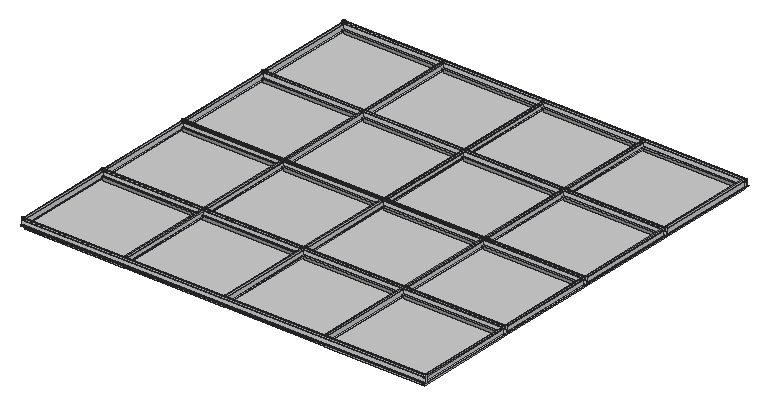
Revit family "GRD-TLE-021_TILE 001_RFA", category Modelos genéricos, Revit 2022 (continued)
Forms (in)
  Extrusion 180, solid
    sketch origin (48.02754, 154.90856, 0) x (1, 0, 0) y (0, 0, 1)
      loop
        line (0.35803, 1.68677) -> (0.39803, 1.68677)
        arc (0.39803, 1.68677) -> (0.41512, 1.67969) -> (0.42221, 1.66259) r 0.02418
      loop
        arc (0.33294, 1.7291) -> (0.34005, 1.71194) -> (0.35722, 1.70483) r 0.02428
        line (0.35722, 1.70483) -> (0.39815, 1.70483)
        arc (0.39815, 1.70483) -> (0.42797, 1.69248) -> (0.44023, 1.66266) r 0.04217
        arc (0.44023, 1.66266) -> (0.45258, 1.69248) -> (0.4824, 1.70483) r 0.04217
        line (0.4824, 1.70483) -> (0.52333, 1.70483)
        arc (0.52333, 1.70483) -> (0.54049, 1.71194) -> (0.54761, 1.7291) r 0.02428
        line (0.54761, 1.7291) -> (0.54761, 2.15016) -> (0.45704, 2.24072)
        arc (0.45704, 2.24072) -> (0.44027, 2.24767) -> (0.42351, 2.24072) r 0.02371
        line (0.42351, 2.24072) -> (0.33294, 2.15016) -> (0.33294, 1.7291)
    from 58.93614 to 81.99864
  Extrusion 181, solid
    sketch origin (72.02767, 154.90856, 0) x (1, 0, 0) y (0, 0, 1)
      loop
        line (0.42221, 1.66259) -> (0.42231, 0.67354)
        arc (0.42231, 0.67354) -> (0.41009, 0.64403) -> (0.38057, 0.6318) r 0.04174
        line (0.38057, 0.6318) -> (-0.00639, 0.6318) -> (-0.00639, 0.59057) -> (0.8874, 0.59057) -> (0.8874, 0.6318) -> (0.49998, 0.6318)
        arc (0.49998, 0.6318) -> (0.47046, 0.64403) -> (0.45824, 0.67354) r 0.04174
        line (0.45824, 0.67354) -> (0.45834, 1.66259)
        arc (0.45834, 1.66259) -> (0.46543, 1.67969) -> (0.48252, 1.68677) r 0.02418
        line (0.48252, 1.68677) -> (0.52252, 1.68677)
        arc (0.52252, 1.68677) -> (0.55303, 1.69941) -> (0.56566, 1.72991) r 0.04314
        line (0.56566, 1.72991) -> (0.56566, 2.14095)
        arc (0.56566, 2.14095) -> (0.5626, 2.15637) -> (0.55386, 2.16944) r 0.04029
        line (0.55386, 2.16944) -> (0.47053, 2.25277)
        arc (0.47053, 2.25277) -> (0.44027, 2.2653) -> (0.41002, 2.25277) r 0.04279
        line (0.41002, 2.25277) -> (0.32669, 2.16944)
        arc (0.32669, 2.16944) -> (0.31795, 2.15637) -> (0.31489, 2.14095) r 0.04029
        line (0.31489, 2.14095) -> (0.31489, 1.72991)
        arc (0.31489, 1.72991) -> (0.32752, 1.69941) -> (0.35803, 1.68677) r 0.04314
        line (0.35803, 1.68677) -> (0.39803, 1.68677)
        arc (0.39803, 1.68677) -> (0.41512, 1.67969) -> (0.42221, 1.66259) r 0.02418
      loop
        arc (0.33294, 1.7291) -> (0.34005, 1.71194) -> (0.35722, 1.70483) r 0.02428
        line (0.35722, 1.70483) -> (0.39815, 1.70483)
        arc (0.39815, 1.70483) -> (0.42797, 1.69248) -> (0.44023, 1.66266) r 0.04217
        arc (0.44023, 1.66266) -> (0.45258, 1.69248) -> (0.4824, 1.70483) r 0.04217
        line (0.4824, 1.70483) -> (0.52333, 1.70483)
        arc (0.52333, 1.70483) -> (0.54049, 1.71194) -> (0.54761, 1.7291) r 0.02428
        line (0.54761, 1.7291) -> (0.54761, 2.15016) -> (0.45704, 2.24072)
        arc (0.45704, 2.24072) -> (0.44027, 2.24767) -> (0.42351, 2.24072) r 0.02371
        line (0.42351, 2.24072) -> (0.33294, 2.15016) -> (0.33294, 1.7291)
    from 58.93614 to 81.99864
  Extrusion 182, solid
    sketch origin (96.02767, 154.90856, 0) x (1, 0, 0) y (0, 0, 1)
      loop
        line (0.42221, 1.66259) -> (0.42231, 0.67354)
        arc (0.42231, 0.67354) -> (0.41009, 0.64403) -> (0.38057, 0.6318) r 0.04174
        line (0.38057, 0.6318) -> (-0.00639, 0.6318) -> (-0.00639, 0.59057) -> (0.8874, 0.59057) -> (0.8874, 0.6318) -> (0.49998, 0.6318)
        arc (0.49998, 0.6318) -> (0.47046, 0.64403) -> (0.45824, 0.67354) r 0.04174
        line (0.45824, 0.67354) -> (0.45834, 1.66259)
        arc (0.45834, 1.66259) -> (0.46543, 1.67969) -> (0.48252, 1.68677) r 0.02418
        line (0.48252, 1.68677) -> (0.52252, 1.68677)
        arc (0.52252, 1.68677) -> (0.55303, 1.69941) -> (0.56566, 1.72991) r 0.04314
        line (0.56566, 1.72991) -> (0.56566, 2.14095)
        arc (0.56566, 2.14095) -> (0.5626, 2.15637) -> (0.55386, 2.16944) r 0.04029
        line (0.55386, 2.16944) -> (0.47053, 2.25277)
        arc (0.47053, 2.25277) -> (0.44027, 2.2653) -> (0.41002, 2.25277) r 0.04279
        line (0.41002, 2.25277) -> (0.32669, 2.16944)
        arc (0.32669, 2.16944) -> (0.31795, 2.15637) -> (0.31489, 2.14095) r 0.04029
        line (0.31489, 2.14095) -> (0.31489, 1.72991)
        arc (0.31489, 1.72991) -> (0.32752, 1.69941) -> (0.35803, 1.68677) r 0.04314
        line (0.35803, 1.68677) -> (0.39803, 1.68677)
        arc (0.39803, 1.68677) -> (0.41512, 1.67969) -> (0.42221, 1.66259) r 0.02418
      loop
        arc (0.33294, 1.7291) -> (0.34005, 1.71194) -> (0.35722, 1.70483) r 0.02428
        line (0.35722, 1.70483) -> (0.39815, 1.70483)
        arc (0.39815, 1.70483) -> (0.42797, 1.69248) -> (0.44023, 1.66266) r 0.04217
        arc (0.44023, 1.66266) -> (0.45258, 1.69248) -> (0.4824, 1.70483) r 0.04217
        line (0.4824, 1.70483) -> (0.52333, 1.70483)
        arc (0.52333, 1.70483) -> (0.54049, 1.71194) -> (0.54761, 1.7291) r 0.02428
        line (0.54761, 1.7291) -> (0.54761, 2.15016) -> (0.45704, 2.24072)
        arc (0.45704, 2.24072) -> (0.44027, 2.24767) -> (0.42351, 2.24072) r 0.02371
        line (0.42351, 2.24072) -> (0.33294, 2.15016) -> (0.33294, 1.7291)
    from 58.93614 to 81.99864
  Extrusion 183, solid
    sketch origin (24.02767, 154.90856, 0) x (1, 0, 0) y (0, 0, 1)
      loop
        line (0.42221, 1.66259) -> (0.42231, 0.67354)
        arc (0.42231, 0.67354) -> (0.41009, 0.64403) -> (0.38057, 0.6318) r 0.04174
        line (0.38057, 0.6318) -> (-0.00639, 0.6318) -> (-0.00639, 0.59057) -> (0.8874, 0.59057) -> (0.8874, 0.6318) -> (0.49998, 0.6318)
        arc (0.49998, 0.6318) -> (0.47046, 0.64403) -> (0.45824, 0.67354) r 0.04174
        line (0.45824, 0.67354) -> (0.45834, 1.66259)
        arc (0.45834, 1.66259) -> (0.46543, 1.67969) -> (0.48252, 1.68677) r 0.02418
        line (0.48252, 1.68677) -> (0.52252, 1.68677)
        arc (0.52252, 1.68677) -> (0.55303, 1.69941) -> (0.56566, 1.72991) r 0.04314
        line (0.56566, 1.72991) -> (0.56566, 2.14095)
        arc (0.56566, 2.14095) -> (0.5626, 2.15637) -> (0.55386, 2.16944) r 0.04029
        line (0.55386, 2.16944) -> (0.47053, 2.25277)
        arc (0.47053, 2.25277) -> (0.44027, 2.2653) -> (0.41002, 2.25277) r 0.04279
        line (0.41002, 2.25277) -> (0.32669, 2.16944)
        arc (0.32669, 2.16944) -> (0.31795, 2.15637) -> (0.31489, 2.14095) r 0.04029
        line (0.31489, 2.14095) -> (0.31489, 1.72991)
        arc (0.31489, 1.72991) -> (0.32752, 1.69941) -> (0.35803, 1.68677) r 0.04314
        line (0.35803, 1.68677) -> (0.39803, 1.68677)
        arc (0.39803, 1.68677) -> (0.41512, 1.67969) -> (0.42221, 1.66259) r 0.02418
      loop
        arc (0.33294, 1.7291) -> (0.34005, 1.71194) -> (0.35722, 1.70483) r 0.02428
        line (0.35722, 1.70483) -> (0.39815, 1.70483)
        arc (0.39815, 1.70483) -> (0.42797, 1.69248) -> (0.44023, 1.66266) r 0.04217
        arc (0.44023, 1.66266) -> (0.45258, 1.69248) -> (0.4824, 1.70483) r 0.04217
        line (0.4824, 1.70483) -> (0.52333, 1.70483)
        arc (0.52333, 1.70483) -> (0.54049, 1.71194) -> (0.54761, 1.7291) r 0.02428
        line (0.54761, 1.7291) -> (0.54761, 2.15016) -> (0.45704, 2.24072)
        arc (0.45704, 2.24072) -> (0.44027, 2.24767) -> (0.42351, 2.24072) r 0.02371
        line (0.42351, 2.24072) -> (0.33294, 2.15016) -> (0.33294, 1.7291)
    from 58.93614 to 81.99864
  Extrusion 184, solid
    sketch origin (0.02767, 154.90856, 0) x (1, 0, 0) y (0, 0, 1)
      loop
        line (0.42221, 1.66259) -> (0.42231, 0.67354)
        arc (0.42231, 0.67354) -> (0.41009, 0.64403) -> (0.38057, 0.6318) r 0.04174
        line (0.38057, 0.6318) -> (-0.00639, 0.6318) -> (-0.00639, 0.59057) -> (0.8874, 0.59057) -> (0.8874, 0.6318) -> (0.49998, 0.6318)
        arc (0.49998, 0.6318) -> (0.47046, 0.64403) -> (0.45824, 0.67354) r 0.04174
        line (0.45824, 0.67354) -> (0.45834, 1.66259)
        arc (0.45834, 1.66259) -> (0.46543, 1.67969) -> (0.48252, 1.68677) r 0.02418
        line (0.48252, 1.68677) -> (0.52252, 1.68677)
        arc (0.52252, 1.68677) -> (0.55303, 1.69941) -> (0.56566, 1.72991) r 0.04314
        line (0.56566, 1.72991) -> (0.56566, 2.14095)
        arc (0.56566, 2.14095) -> (0.5626, 2.15637) -> (0.55386, 2.16944) r 0.04029
        line (0.55386, 2.16944) -> (0.47053, 2.25277)
        arc (0.47053, 2.25277) -> (0.44027, 2.2653) -> (0.41002, 2.25277) r 0.04279
        line (0.41002, 2.25277) -> (0.32669, 2.16944)
        arc (0.32669, 2.16944) -> (0.31795, 2.15637) -> (0.31489, 2.14095) r 0.04029
        line (0.31489, 2.14095) -> (0.31489, 1.72991)
        arc (0.31489, 1.72991) -> (0.32752, 1.69941) -> (0.35803, 1.68677) r 0.04314
        line (0.35803, 1.68677) -> (0.39803, 1.68677)
        arc (0.39803, 1.68677) -> (0.41512, 1.67969) -> (0.42221, 1.66259) r 0.02418
      loop
        arc (0.33294, 1.7291) -> (0.34005, 1.71194) -> (0.35722, 1.70483) r 0.02428
        line (0.35722, 1.70483) -> (0.39815, 1.70483)
        arc (0.39815, 1.70483) -> (0.42797, 1.69248) -> (0.44023, 1.66266) r 0.04217
        arc (0.44023, 1.66266) -> (0.45258, 1.69248) -> (0.4824, 1.70483) r 0.04217
        line (0.4824, 1.70483) -> (0.52333, 1.70483)
        arc (0.52333, 1.70483) -> (0.54049, 1.71194) -> (0.54761, 1.7291) r 0.02428
        line (0.54761, 1.7291) -> (0.54761, 2.15016) -> (0.45704, 2.24072)
        arc (0.45704, 2.24072) -> (0.44027, 2.24767) -> (0.42351, 2.24072) r 0.02371
        line (0.42351, 2.24072) -> (0.33294, 2.15016) -> (0.33294, 1.7291)
    from 58.93614 to 81.99864
  Extrusion 185, solid
    sketch origin (48.02754, 130.90855, 0) x (1, 0, 0) y (0, 0, 1)
      loop
        line (0.42221, 1.66259) -> (0.42231, 0.67354)
        arc (0.42231, 0.67354) -> (0.41009, 0.64403) -> (0.38057, 0.6318) r 0.04174
        line (0.38057, 0.6318) -> (-0.00639, 0.6318) -> (-0.00639, 0.59057) -> (0.8874, 0.59057) -> (0.8874, 0.6318) -> (0.49998, 0.6318)
        arc (0.49998, 0.6318) -> (0.47046, 0.64403) -> (0.45824, 0.67354) r 0.04174
        line (0.45824, 0.67354) -> (0.45834, 1.66259)
        arc (0.45834, 1.66259) -> (0.46543, 1.67969) -> (0.48252, 1.68677) r 0.02418
        line (0.48252, 1.68677) -> (0.52252, 1.68677)
        arc (0.52252, 1.68677) -> (0.55303, 1.69941) -> (0.56566, 1.72991) r 0.04314
        line (0.56566, 1.72991) -> (0.56566, 2.14095)
        arc (0.56566, 2.14095) -> (0.5626, 2.15637) -> (0.55386, 2.16944) r 0.04029
        line (0.55386, 2.16944) -> (0.47053, 2.25277)
        arc (0.47053, 2.25277) -> (0.44027, 2.2653) -> (0.41002, 2.25277) r 0.04279
        line (0.41002, 2.25277) -> (0.32669, 2.16944)
        arc (0.32669, 2.16944) -> (0.31795, 2.15637) -> (0.31489, 2.14095) r 0.04029
        line (0.31489, 2.14095) -> (0.31489, 1.72991)
        arc (0.31489, 1.72991) -> (0.32752, 1.69941) -> (0.35803, 1.68677) r 0.04314
        line (0.35803, 1.68677) -> (0.39803, 1.68677)
        arc (0.39803, 1.68677) -> (0.41512, 1.67969) -> (0.42221, 1.66259) r 0.02418
      loop
        arc (0.33294, 1.7291) -> (0.34005, 1.71194) -> (0.35722, 1.70483) r 0.02428
        line (0.35722, 1.70483) -> (0.39815, 1.70483)
        arc (0.39815, 1.70483) -> (0.42797, 1.69248) -> (0.44023, 1.66266) r 0.04217
        arc (0.44023, 1.66266) -> (0.45258, 1.69248) -> (0.4824, 1.70483) r 0.04217
        line (0.4824, 1.70483) -> (0.52333, 1.70483)
        arc (0.52333, 1.70483) -> (0.54049, 1.71194) -> (0.54761, 1.7291) r 0.02428
        line (0.54761, 1.7291) -> (0.54761, 2.15016) -> (0.45704, 2.24072)
        arc (0.45704, 2.24072) -> (0.44027, 2.24767) -> (0.42351, 2.24072) r 0.02371
        line (0.42351, 2.24072) -> (0.33294, 2.15016) -> (0.33294, 1.7291)
    from 58.93614 to 81.99864
  Extrusion 186, solid
    sketch origin (72.02767, 130.90855, 0) x (1, 0, 0) y (0, 0, 1)
      loop
        line (0.42221, 1.66259) -> (0.42231, 0.67354)
        arc (0.42231, 0.67354) -> (0.41009, 0.64403) -> (0.38057, 0.6318) r 0.04174
        line (0.38057, 0.6318) -> (-0.00639, 0.6318) -> (-0.00639, 0.59057) -> (0.8874, 0.59057) -> (0.8874, 0.6318) -> (0.49998, 0.6318)
        arc (0.49998, 0.6318) -> (0.47046, 0.64403) -> (0.45824, 0.67354) r 0.04174
        line (0.45824, 0.67354) -> (0.45834, 1.66259)
        arc (0.45834, 1.66259) -> (0.46543, 1.67969) -> (0.48252, 1.68677) r 0.02418
        line (0.48252, 1.68677) -> (0.52252, 1.68677)
        arc (0.52252, 1.68677) -> (0.55303, 1.69941) -> (0.56566, 1.72991) r 0.04314
        line (0.56566, 1.72991) -> (0.56566, 2.14095)
        arc (0.56566, 2.14095) -> (0.5626, 2.15637) -> (0.55386, 2.16944) r 0.04029
        line (0.55386, 2.16944) -> (0.47053, 2.25277)
        arc (0.47053, 2.25277) -> (0.44027, 2.2653) -> (0.41002, 2.25277) r 0.04279
        line (0.41002, 2.25277) -> (0.32669, 2.16944)
        arc (0.32669, 2.16944) -> (0.31795, 2.15637) -> (0.31489, 2.14095) r 0.04029
        line (0.31489, 2.14095) -> (0.31489, 1.72991)
        arc (0.31489, 1.72991) -> (0.32752, 1.69941) -> (0.35803, 1.68677) r 0.04314
        line (0.35803, 1.68677) -> (0.39803, 1.68677)
        arc (0.39803, 1.68677) -> (0.41512, 1.67969) -> (0.42221, 1.66259) r 0.02418
      loop
        arc (0.33294, 1.7291) -> (0.34005, 1.71194) -> (0.35722, 1.70483) r 0.02428
        line (0.35722, 1.70483) -> (0.39815, 1.70483)
        arc (0.39815, 1.70483) -> (0.42797, 1.69248) -> (0.44023, 1.66266) r 0.04217
        arc (0.44023, 1.66266) -> (0.45258, 1.69248) -> (0.4824, 1.70483) r 0.04217
        line (0.4824, 1.70483) -> (0.52333, 1.70483)
        arc (0.52333, 1.70483) -> (0.54049, 1.71194) -> (0.54761, 1.7291) r 0.02428
        line (0.54761, 1.7291) -> (0.54761, 2.15016) -> (0.45704, 2.24072)
        arc (0.45704, 2.24072) -> (0.44027, 2.24767) -> (0.42351, 2.24072) r 0.02371
        line (0.42351, 2.24072) -> (0.33294, 2.15016) -> (0.33294, 1.7291)
    from 58.93614 to 81.99864
  Extrusion 187, solid
    sketch origin (96.02767, 130.90855, 0) x (1, 0, 0) y (0, 0, 1)
      loop
        line (0.42221, 1.66259) -> (0.42231, 0.67354)
        arc (0.42231, 0.67354) -> (0.41009, 0.64403) -> (0.38057, 0.6318) r 0.04174
        line (0.38057, 0.6318) -> (-0.00639, 0.6318) -> (-0.00639, 0.59057) -> (0.8874, 0.59057) -> (0.8874, 0.6318) -> (0.49998, 0.6318)
        arc (0.49998, 0.6318) -> (0.47046, 0.64403) -> (0.45824, 0.67354) r 0.04174
        line (0.45824, 0.67354) -> (0.45834, 1.66259)
        arc (0.45834, 1.66259) -> (0.46543, 1.67969) -> (0.48252, 1.68677) r 0.02418
        line (0.48252, 1.68677) -> (0.52252, 1.68677)
        arc (0.52252, 1.68677) -> (0.55303, 1.69941) -> (0.56566, 1.72991) r 0.04314
        line (0.56566, 1.72991) -> (0.56566, 2.14095)
        arc (0.56566, 2.14095) -> (0.5626, 2.15637) -> (0.55386, 2.16944) r 0.04029
        line (0.55386, 2.16944) -> (0.47053, 2.25277)
        arc (0.47053, 2.25277) -> (0.44027, 2.2653) -> (0.41002, 2.25277) r 0.04279
        line (0.41002, 2.25277) -> (0.32669, 2.16944)
        arc (0.32669, 2.16944) -> (0.31795, 2.15637) -> (0.31489, 2.14095) r 0.04029
        line (0.31489, 2.14095) -> (0.31489, 1.72991)
        arc (0.31489, 1.72991) -> (0.32752, 1.69941) -> (0.35803, 1.68677) r 0.04314
        line (0.35803, 1.68677) -> (0.39803, 1.68677)
        arc (0.39803, 1.68677) -> (0.41512, 1.67969) -> (0.42221, 1.66259) r 0.02418
      loop
        arc (0.33294, 1.7291) -> (0.34005, 1.71194) -> (0.35722, 1.70483) r 0.02428
        line (0.35722, 1.70483) -> (0.39815, 1.70483)
        arc (0.39815, 1.70483) -> (0.42797, 1.69248) -> (0.44023, 1.66266) r 0.04217
        arc (0.44023, 1.66266) -> (0.45258, 1.69248) -> (0.4824, 1.70483) r 0.04217
        line (0.4824, 1.70483) -> (0.52333, 1.70483)
        arc (0.52333, 1.70483) -> (0.54049, 1.71194) -> (0.54761, 1.7291) r 0.02428
        line (0.54761, 1.7291) -> (0.54761, 2.15016) -> (0.45704, 2.24072)
        arc (0.45704, 2.24072) -> (0.44027, 2.24767) -> (0.42351, 2.24072) r 0.02371
        line (0.42351, 2.24072) -> (0.33294, 2.15016) -> (0.33294, 1.7291)
    from 58.93614 to 81.99864
  Extrusion 188, solid
    sketch origin (24.02767, 130.90855, 0) x (1, 0, 0) y (0, 0, 1)
      loop
        line (0.42221, 1.66259) -> (0.42231, 0.67354)
        arc (0.42231, 0.67354) -> (0.41009, 0.64403) -> (0.38057, 0.6318) r 0.04174
        line (0.38057, 0.6318) -> (-0.00639, 0.6318) -> (-0.00639, 0.59057) -> (0.8874, 0.59057) -> (0.8874, 0.6318) -> (0.49998, 0.6318)
        arc (0.49998, 0.6318) -> (0.47046, 0.64403) -> (0.45824, 0.67354) r 0.04174
        line (0.45824, 0.67354) -> (0.45834, 1.66259)
        arc (0.45834, 1.66259) -> (0.46543, 1.67969) -> (0.48252, 1.68677) r 0.02418
        line (0.48252, 1.68677) -> (0.52252, 1.68677)
        arc (0.52252, 1.68677) -> (0.55303, 1.69941) -> (0.56566, 1.72991) r 0.04314
        line (0.56566, 1.72991) -> (0.56566, 2.14095)
        arc (0.56566, 2.14095) -> (0.5626, 2.15637) -> (0.55386, 2.16944) r 0.04029
        line (0.55386, 2.16944) -> (0.47053, 2.25277)
        arc (0.47053, 2.25277) -> (0.44027, 2.2653) -> (0.41002, 2.25277) r 0.04279
        line (0.41002, 2.25277) -> (0.32669, 2.16944)
        arc (0.32669, 2.16944) -> (0.31795, 2.15637) -> (0.31489, 2.14095) r 0.04029
        line (0.31489, 2.14095) -> (0.31489, 1.72991)
        arc (0.31489, 1.72991) -> (0.32752, 1.69941) -> (0.35803, 1.68677) r 0.04314
        line (0.35803, 1.68677) -> (0.39803, 1.68677)
        arc (0.39803, 1.68677) -> (0.41512, 1.67969) -> (0.42221, 1.66259) r 0.02418
      loop
        arc (0.33294, 1.7291) -> (0.34005, 1.71194) -> (0.35722, 1.70483) r 0.02428
        line (0.35722, 1.70483) -> (0.39815, 1.70483)
        arc (0.39815, 1.70483) -> (0.42797, 1.69248) -> (0.44023, 1.66266) r 0.04217
        arc (0.44023, 1.66266) -> (0.45258, 1.69248) -> (0.4824, 1.70483) r 0.04217
        line (0.4824, 1.70483) -> (0.52333, 1.70483)
        arc (0.52333, 1.70483) -> (0.54049, 1.71194) -> (0.54761, 1.7291) r 0.02428
        line (0.54761, 1.7291) -> (0.54761, 2.15016) -> (0.45704, 2.24072)
        arc (0.45704, 2.24072) -> (0.44027, 2.24767) -> (0.42351, 2.24072) r 0.02371
        line (0.42351, 2.24072) -> (0.33294, 2.15016) -> (0.33294, 1.7291)
    from 58.93614 to 81.99864
  Extrusion 189, solid
    sketch origin (0.02767, 130.90855, 0) x (1, 0, 0) y (0, 0, 1)
      loop
        line (0.42221, 1.66259) -> (0.42231, 0.67354)
        arc (0.42231, 0.67354) -> (0.41009, 0.64403) -> (0.38057, 0.6318) r 0.04174
        line (0.38057, 0.6318) -> (-0.00639, 0.6318) -> (-0.00639, 0.59057) -> (0.8874, 0.59057) -> (0.8874, 0.6318) -> (0.49998, 0.6318)
        arc (0.49998, 0.6318) -> (0.47046, 0.64403) -> (0.45824, 0.67354) r 0.04174
        line (0.45824, 0.67354) -> (0.45834, 1.66259)
        arc (0.45834, 1.66259) -> (0.46543, 1.67969) -> (0.48252, 1.68677) r 0.02418
        line (0.48252, 1.68677) -> (0.52252, 1.68677)
        arc (0.52252, 1.68677) -> (0.55303, 1.69941) -> (0.56566, 1.72991) r 0.04314
        line (0.56566, 1.72991) -> (0.56566, 2.14095)
        arc (0.56566, 2.14095) -> (0.5626, 2.15637) -> (0.55386, 2.16944) r 0.04029
        line (0.55386, 2.16944) -> (0.47053, 2.25277)
        arc (0.47053, 2.25277) -> (0.44027, 2.2653) -> (0.41002, 2.25277) r 0.04279
        line (0.41002, 2.25277) -> (0.32669, 2.16944)
        arc (0.32669, 2.16944) -> (0.31795, 2.15637) -> (0.31489, 2.14095) r 0.04029
        line (0.31489, 2.14095) -> (0.31489, 1.72991)
        arc (0.31489, 1.72991) -> (0.32752, 1.69941) -> (0.35803, 1.68677) r 0.04314
        line (0.35803, 1.68677) -> (0.39803, 1.68677)
        arc (0.39803, 1.68677) -> (0.41512, 1.67969) -> (0.42221, 1.66259) r 0.02418
      loop
        arc (0.33294, 1.7291) -> (0.34005, 1.71194) -> (0.35722, 1.70483) r 0.02428
        line (0.35722, 1.70483) -> (0.39815, 1.70483)
        arc (0.39815, 1.70483) -> (0.42797, 1.69248) -> (0.44023, 1.66266) r 0.04217
        arc (0.44023, 1.66266) -> (0.45258, 1.69248) -> (0.4824, 1.70483) r 0.04217
        line (0.4824, 1.70483) -> (0.52333, 1.70483)
        arc (0.52333, 1.70483) -> (0.54049, 1.71194) -> (0.54761, 1.7291) r 0.02428
        line (0.54761, 1.7291) -> (0.54761, 2.15016) -> (0.45704, 2.24072)
        arc (0.45704, 2.24072) -> (0.44027, 2.24767) -> (0.42351, 2.24072) r 0.02371
        line (0.42351, 2.24072) -> (0.33294, 2.15016) -> (0.33294, 1.7291)
    from 58.93614 to 81.99864
  Extrusion 190, solid
    sketch origin (48.02754, 106.90856, 0) x (1, 0, 0) y (0, 0, 1)
      loop
        line (0.42221, 1.66259) -> (0.42231, 0.67354)
        arc (0.42231, 0.67354) -> (0.41009, 0.64403) -> (0.38057, 0.6318) r 0.04174
        line (0.38057, 0.6318) -> (-0.00639, 0.6318) -> (-0.00639, 0.59057) -> (0.8874, 0.59057) -> (0.8874, 0.6318) -> (0.49998, 0.6318)
        arc (0.49998, 0.6318) -> (0.47046, 0.64403) -> (0.45824, 0.67354) r 0.04174
        line (0.45824, 0.67354) -> (0.45834, 1.66259)
        arc (0.45834, 1.66259) -> (0.46543, 1.67969) -> (0.48252, 1.68677) r 0.02418
        line (0.48252, 1.68677) -> (0.52252, 1.68677)
        arc (0.52252, 1.68677) -> (0.55303, 1.69941) -> (0.56566, 1.72991) r 0.04314
        line (0.56566, 1.72991) -> (0.56566, 2.14095)
        arc (0.56566, 2.14095) -> (0.5626, 2.15637) -> (0.55386, 2.16944) r 0.04029
        line (0.55386, 2.16944) -> (0.47053, 2.25277)
        arc (0.47053, 2.25277) -> (0.44027, 2.2653) -> (0.41002, 2.25277) r 0.04279
        line (0.41002, 2.25277) -> (0.32669, 2.16944)
        arc (0.32669, 2.16944) -> (0.31795, 2.15637) -> (0.31489, 2.14095) r 0.04029
        line (0.31489, 2.14095) -> (0.31489, 1.72991)
        arc (0.31489, 1.72991) -> (0.32752, 1.69941) -> (0.35803, 1.68677) r 0.04314
        line (0.35803, 1.68677) -> (0.39803, 1.68677)
        arc (0.39803, 1.68677) -> (0.41512, 1.67969) -> (0.42221, 1.66259) r 0.02418
      loop
        arc (0.33294, 1.7291) -> (0.34005, 1.71194) -> (0.35722, 1.70483) r 0.02428
        line (0.35722, 1.70483) -> (0.39815, 1.70483)
        arc (0.39815, 1.70483) -> (0.42797, 1.69248) -> (0.44023, 1.66266) r 0.04217
        arc (0.44023, 1.66266) -> (0.45258, 1.69248) -> (0.4824, 1.70483) r 0.04217
        line (0.4824, 1.70483) -> (0.52333, 1.70483)
        arc (0.52333, 1.70483) -> (0.54049, 1.71194) -> (0.54761, 1.7291) r 0.02428
        line (0.54761, 1.7291) -> (0.54761, 2.15016) -> (0.45704, 2.24072)
        arc (0.45704, 2.24072) -> (0.44027, 2.24767) -> (0.42351, 2.24072) r 0.02371
        line (0.42351, 2.24072) -> (0.33294, 2.15016) -> (0.33294, 1.7291)
    from 58.93614 to 81.99864
  Extrusion 191, solid
    sketch origin (72.02767, 106.90856, 0) x (1, 0, 0) y (0, 0, 1)
      loop
        line (0.42221, 1.66259) -> (0.42231, 0.67354)
        arc (0.42231, 0.67354) -> (0.41009, 0.64403) -> (0.38057, 0.6318) r 0.04174
        line (0.38057, 0.6318) -> (-0.00639, 0.6318) -> (-0.00639, 0.59057) -> (0.8874, 0.59057) -> (0.8874, 0.6318) -> (0.49998, 0.6318)
        arc (0.49998, 0.6318) -> (0.47046, 0.64403) -> (0.45824, 0.67354) r 0.04174
        line (0.45824, 0.67354) -> (0.45834, 1.66259)
        arc (0.45834, 1.66259) -> (0.46543, 1.67969) -> (0.48252, 1.68677) r 0.02418
        line (0.48252, 1.68677) -> (0.52252, 1.68677)
        arc (0.52252, 1.68677) -> (0.55303, 1.69941) -> (0.56566, 1.72991) r 0.04314
        line (0.56566, 1.72991) -> (0.56566, 2.14095)
        arc (0.56566, 2.14095) -> (0.5626, 2.15637) -> (0.55386, 2.16944) r 0.04029
        line (0.55386, 2.16944) -> (0.47053, 2.25277)
        arc (0.47053, 2.25277) -> (0.44027, 2.2653) -> (0.41002, 2.25277) r 0.04279
        line (0.41002, 2.25277) -> (0.32669, 2.16944)
        arc (0.32669, 2.16944) -> (0.31795, 2.15637) -> (0.31489, 2.14095) r 0.04029
        line (0.31489, 2.14095) -> (0.31489, 1.72991)
        arc (0.31489, 1.72991) -> (0.32752, 1.69941) -> (0.35803, 1.68677) r 0.04314
        line (0.35803, 1.68677) -> (0.39803, 1.68677)
        arc (0.39803, 1.68677) -> (0.41512, 1.67969) -> (0.42221, 1.66259) r 0.02418
      loop
        arc (0.33294, 1.7291) -> (0.34005, 1.71194) -> (0.35722, 1.70483) r 0.02428
        line (0.35722, 1.70483) -> (0.39815, 1.70483)
        arc (0.39815, 1.70483) -> (0.42797, 1.69248) -> (0.44023, 1.66266) r 0.04217
        arc (0.44023, 1.66266) -> (0.45258, 1.69248) -> (0.4824, 1.70483) r 0.04217
        line (0.4824, 1.70483) -> (0.52333, 1.70483)
        arc (0.52333, 1.70483) -> (0.54049, 1.71194) -> (0.54761, 1.7291) r 0.02428
        line (0.54761, 1.7291) -> (0.54761, 2.15016) -> (0.45704, 2.24072)
        arc (0.45704, 2.24072) -> (0.44027, 2.24767) -> (0.42351, 2.24072) r 0.02371
        line (0.42351, 2.24072) -> (0.33294, 2.15016) -> (0.33294, 1.7291)
    from 58.93614 to 81.99864
  Extrusion 192, solid
    sketch origin (96.02767, 106.90856, 0) x (1, 0, 0) y (0, 0, 1)
      loop
        line (0.42221, 1.66259) -> (0.42231, 0.67354)
        arc (0.42231, 0.67354) -> (0.41009, 0.64403) -> (0.38057, 0.6318) r 0.04174
        line (0.38057, 0.6318) -> (-0.00639, 0.6318) -> (-0.00639, 0.59057) -> (0.8874, 0.59057) -> (0.8874, 0.6318) -> (0.49998, 0.6318)
        arc (0.49998, 0.6318) -> (0.47046, 0.64403) -> (0.45824, 0.67354) r 0.04174
        line (0.45824, 0.67354) -> (0.45834, 1.66259)
        arc (0.45834, 1.66259) -> (0.46543, 1.67969) -> (0.48252, 1.68677) r 0.02418
        line (0.48252, 1.68677) -> (0.52252, 1.68677)
        arc (0.52252, 1.68677) -> (0.55303, 1.69941) -> (0.56566, 1.72991) r 0.04314
        line (0.56566, 1.72991) -> (0.56566, 2.14095)
        arc (0.56566, 2.14095) -> (0.5626, 2.15637) -> (0.55386, 2.16944) r 0.04029
        line (0.55386, 2.16944) -> (0.47053, 2.25277)
        arc (0.47053, 2.25277) -> (0.44027, 2.2653) -> (0.41002, 2.25277) r 0.04279
        line (0.41002, 2.25277) -> (0.32669, 2.16944)
        arc (0.32669, 2.16944) -> (0.31795, 2.15637) -> (0.31489, 2.14095) r 0.04029
        line (0.31489, 2.14095) -> (0.31489, 1.72991)
        arc (0.31489, 1.72991) -> (0.32752, 1.69941) -> (0.35803, 1.68677) r 0.04314
        line (0.35803, 1.68677) -> (0.39803, 1.68677)
        arc (0.39803, 1.68677) -> (0.41512, 1.67969) -> (0.42221, 1.66259) r 0.02418
      loop
        arc (0.33294, 1.7291) -> (0.34005, 1.71194) -> (0.35722, 1.70483) r 0.02428
        line (0.35722, 1.70483) -> (0.39815, 1.70483)
        arc (0.39815, 1.70483) -> (0.42797, 1.69248) -> (0.44023, 1.66266) r 0.04217
        arc (0.44023, 1.66266) -> (0.45258, 1.69248) -> (0.4824, 1.70483) r 0.04217
        line (0.4824, 1.70483) -> (0.52333, 1.70483)
        arc (0.52333, 1.70483) -> (0.54049, 1.71194) -> (0.54761, 1.7291) r 0.02428
        line (0.54761, 1.7291) -> (0.54761, 2.15016) -> (0.45704, 2.24072)
        arc (0.45704, 2.24072) -> (0.44027, 2.24767) -> (0.42351, 2.24072) r 0.02371
        line (0.42351, 2.24072) -> (0.33294, 2.15016) -> (0.33294, 1.7291)
    from 58.93614 to 81.99864
  Extrusion 193, solid
    sketch origin (24.02767, 106.90856, 0) x (1, 0, 0) y (0, 0, 1)
      loop
        line (0.42221, 1.66259) -> (0.42231, 0.67354)
        arc (0.42231, 0.67354) -> (0.41009, 0.64403) -> (0.38057, 0.6318) r 0.04174
        line (0.38057, 0.6318) -> (-0.00639, 0.6318) -> (-0.00639, 0.59057) -> (0.8874, 0.59057) -> (0.8874, 0.6318) -> (0.49998, 0.6318)
        arc (0.49998, 0.6318) -> (0.47046, 0.64403) -> (0.45824, 0.67354) r 0.04174
        line (0.45824, 0.67354) -> (0.45834, 1.66259)
        arc (0.45834, 1.66259) -> (0.46543, 1.67969) -> (0.48252, 1.68677) r 0.02418
        line (0.48252, 1.68677) -> (0.52252, 1.68677)
        arc (0.52252, 1.68677) -> (0.55303, 1.69941) -> (0.56566, 1.72991) r 0.04314
        line (0.56566, 1.72991) -> (0.56566, 2.14095)
        arc (0.56566, 2.14095) -> (0.5626, 2.15637) -> (0.55386, 2.16944) r 0.04029
        line (0.55386, 2.16944) -> (0.47053, 2.25277)
        arc (0.47053, 2.25277) -> (0.44027, 2.2653) -> (0.41002, 2.25277) r 0.04279
        line (0.41002, 2.25277) -> (0.32669, 2.16944)
        arc (0.32669, 2.16944) -> (0.31795, 2.15637) -> (0.31489, 2.14095) r 0.04029
        line (0.31489, 2.14095) -> (0.31489, 1.72991)
        arc (0.31489, 1.72991) -> (0.32752, 1.69941) -> (0.35803, 1.68677) r 0.04314
        line (0.35803, 1.68677) -> (0.39803, 1.68677)
        arc (0.39803, 1.68677) -> (0.41512, 1.67969) -> (0.42221, 1.66259) r 0.02418
      loop
        arc (0.33294, 1.7291) -> (0.34005, 1.71194) -> (0.35722, 1.70483) r 0.02428
        line (0.35722, 1.70483) -> (0.39815, 1.70483)
        arc (0.39815, 1.70483) -> (0.42797, 1.69248) -> (0.44023, 1.66266) r 0.04217
        arc (0.44023, 1.66266) -> (0.45258, 1.69248) -> (0.4824, 1.70483) r 0.04217
        line (0.4824, 1.70483) -> (0.52333, 1.70483)
        arc (0.52333, 1.70483) -> (0.54049, 1.71194) -> (0.54761, 1.7291) r 0.02428
        line (0.54761, 1.7291) -> (0.54761, 2.15016) -> (0.45704, 2.24072)
        arc (0.45704, 2.24072) -> (0.44027, 2.24767) -> (0.42351, 2.24072) r 0.02371
        line (0.42351, 2.24072) -> (0.33294, 2.15016) -> (0.33294, 1.7291)
    from 58.93614 to 81.99864
  Extrusion 194, solid
    sketch origin (0.02767, 106.90856, 0) x (1, 0, 0) y (0, 0, 1)
      loop
        line (0.42221, 1.66259) -> (0.42231, 0.67354)
        arc (0.42231, 0.67354) -> (0.41009, 0.64403) -> (0.38057, 0.6318) r 0.04174
        line (0.38057, 0.6318) -> (-0.00639, 0.6318) -> (-0.00639, 0.59057) -> (0.8874, 0.59057) -> (0.8874, 0.6318) -> (0.49998, 0.6318)
        arc (0.49998, 0.6318) -> (0.47046, 0.64403) -> (0.45824, 0.67354) r 0.04174
        line (0.45824, 0.67354) -> (0.45834, 1.66259)
        arc (0.45834, 1.66259) -> (0.46543, 1.67969) -> (0.48252, 1.68677) r 0.02418
        line (0.48252, 1.68677) -> (0.52252, 1.68677)
        arc (0.52252, 1.68677) -> (0.55303, 1.69941) -> (0.56566, 1.72991) r 0.04314
        line (0.56566, 1.72991) -> (0.56566, 2.14095)
        arc (0.56566, 2.14095) -> (0.5626, 2.15637) -> (0.55386, 2.16944) r 0.04029
        line (0.55386, 2.16944) -> (0.47053, 2.25277)
        arc (0.47053, 2.25277) -> (0.44027, 2.2653) -> (0.41002, 2.25277) r 0.04279
        line (0.41002, 2.25277) -> (0.32669, 2.16944)
        arc (0.32669, 2.16944) -> (0.31795, 2.15637) -> (0.31489, 2.14095) r 0.04029
        line (0.31489, 2.14095) -> (0.31489, 1.72991)
        arc (0.31489, 1.72991) -> (0.32752, 1.69941) -> (0.35803, 1.68677) r 0.04314
        line (0.35803, 1.68677) -> (0.39803, 1.68677)
        arc (0.39803, 1.68677) -> (0.41512, 1.67969) -> (0.42221, 1.66259) r 0.02418
      loop
        arc (0.33294, 1.7291) -> (0.34005, 1.71194) -> (0.35722, 1.70483) r 0.02428
        line (0.35722, 1.70483) -> (0.39815, 1.70483)
        arc (0.39815, 1.70483) -> (0.42797, 1.69248) -> (0.44023, 1.66266) r 0.04217
        arc (0.44023, 1.66266) -> (0.45258, 1.69248) -> (0.4824, 1.70483) r 0.04217
        line (0.4824, 1.70483) -> (0.52333, 1.70483)
        arc (0.52333, 1.70483) -> (0.54049, 1.71194) -> (0.54761, 1.7291) r 0.02428
        line (0.54761, 1.7291) -> (0.54761, 2.15016) -> (0.45704, 2.24072)
        arc (0.45704, 2.24072) -> (0.44027, 2.24767) -> (0.42351, 2.24072) r 0.02371
        line (0.42351, 2.24072) -> (0.33294, 2.15016) -> (0.33294, 1.7291)
    from 58.93614 to 81.99864
  Extrusion 195, solid
    sketch origin (48.02754, 82.90856, 0) x (1, 0, 0) y (0, 0, 1)
      loop
        line (0.42221, 1.66259) -> (0.42231, 0.67354)
        arc (0.42231, 0.67354) -> (0.41009, 0.64403) -> (0.38057, 0.6318) r 0.04174
        line (0.38057, 0.6318) -> (-0.00639, 0.6318) -> (-0.00639, 0.59057) -> (0.8874, 0.59057) -> (0.8874, 0.6318) -> (0.49998, 0.6318)
        arc (0.49998, 0.6318) -> (0.47046, 0.64403) -> (0.45824, 0.67354) r 0.04174
        line (0.45824, 0.67354) -> (0.45834, 1.66259)
        arc (0.45834, 1.66259) -> (0.46543, 1.67969) -> (0.48252, 1.68677) r 0.02418
        line (0.48252, 1.68677) -> (0.52252, 1.68677)
        arc (0.52252, 1.68677) -> (0.55303, 1.69941) -> (0.56566, 1.72991) r 0.04314
        line (0.56566, 1.72991) -> (0.56566, 2.14095)
        arc (0.56566, 2.14095) -> (0.5626, 2.15637) -> (0.55386, 2.16944) r 0.04029
        line (0.55386, 2.16944) -> (0.47053, 2.25277)
        arc (0.47053, 2.25277) -> (0.44027, 2.2653) -> (0.41002, 2.25277) r 0.04279
        line (0.41002, 2.25277) -> (0.32669, 2.16944)
        arc (0.32669, 2.16944) -> (0.31795, 2.15637) -> (0.31489, 2.14095) r 0.04029
        line (0.31489, 2.14095) -> (0.31489, 1.72991)
        arc (0.31489, 1.72991) -> (0.32752, 1.69941) -> (0.35803, 1.68677) r 0.04314
        line (0.35803, 1.68677) -> (0.39803, 1.68677)
        arc (0.39803, 1.68677) -> (0.41512, 1.67969) -> (0.42221, 1.66259) r 0.02418
      loop
        arc (0.33294, 1.7291) -> (0.34005, 1.71194) -> (0.35722, 1.70483) r 0.02428
        line (0.35722, 1.70483) -> (0.39815, 1.70483)
        arc (0.39815, 1.70483) -> (0.42797, 1.69248) -> (0.44023, 1.66266) r 0.04217
        arc (0.44023, 1.66266) -> (0.45258, 1.69248) -> (0.4824, 1.70483) r 0.04217
        line (0.4824, 1.70483) -> (0.52333, 1.70483)
        arc (0.52333, 1.70483) -> (0.54049, 1.71194) -> (0.54761, 1.7291) r 0.02428
        line (0.54761, 1.7291) -> (0.54761, 2.15016) -> (0.45704, 2.24072)
        arc (0.45704, 2.24072) -> (0.44027, 2.24767) -> (0.42351, 2.24072) r 0.02371
        line (0.42351, 2.24072) -> (0.33294, 2.15016) -> (0.33294, 1.7291)
    from 58.93614 to 81.99864
  Extrusion 196, solid
    sketch origin (72.02767, 82.90856, 0) x (1, 0, 0) y (0, 0, 1)
      loop
        line (0.42221, 1.66259) -> (0.42231, 0.67354)
        arc (0.42231, 0.67354) -> (0.41009, 0.64403) -> (0.38057, 0.6318) r 0.04174
        line (0.38057, 0.6318) -> (-0.00639, 0.6318) -> (-0.00639, 0.59057) -> (0.8874, 0.59057) -> (0.8874, 0.6318) -> (0.49998, 0.6318)
        arc (0.49998, 0.6318) -> (0.47046, 0.64403) -> (0.45824, 0.67354) r 0.04174
        line (0.45824, 0.67354) -> (0.45834, 1.66259)
        arc (0.45834, 1.66259) -> (0.46543, 1.67969) -> (0.48252, 1.68677) r 0.02418
        line (0.48252, 1.68677) -> (0.52252, 1.68677)
        arc (0.52252, 1.68677) -> (0.55303, 1.69941) -> (0.56566, 1.72991) r 0.04314
        line (0.56566, 1.72991) -> (0.56566, 2.14095)
        arc (0.56566, 2.14095) -> (0.5626, 2.15637) -> (0.55386, 2.16944) r 0.04029
        line (0.55386, 2.16944) -> (0.47053, 2.25277)
        arc (0.47053, 2.25277) -> (0.44027, 2.2653) -> (0.41002, 2.25277) r 0.04279
        line (0.41002, 2.25277) -> (0.32669, 2.16944)
        arc (0.32669, 2.16944) -> (0.31795, 2.15637) -> (0.31489, 2.14095) r 0.04029
        line (0.31489, 2.14095) -> (0.31489, 1.72991)
        arc (0.31489, 1.72991) -> (0.32752, 1.69941) -> (0.35803, 1.68677) r 0.04314
        line (0.35803, 1.68677) -> (0.39803, 1.68677)
        arc (0.39803, 1.68677) -> (0.41512, 1.67969) -> (0.42221, 1.66259) r 0.02418
      loop
        arc (0.33294, 1.7291) -> (0.34005, 1.71194) -> (0.35722, 1.70483) r 0.02428
        line (0.35722, 1.70483) -> (0.39815, 1.70483)
        arc (0.39815, 1.70483) -> (0.42797, 1.69248) -> (0.44023, 1.66266) r 0.04217
        arc (0.44023, 1.66266) -> (0.45258, 1.69248) -> (0.4824, 1.70483) r 0.04217
        line (0.4824, 1.70483) -> (0.52333, 1.70483)
        arc (0.52333, 1.70483) -> (0.54049, 1.71194) -> (0.54761, 1.7291) r 0.02428
        line (0.54761, 1.7291) -> (0.54761, 2.15016) -> (0.45704, 2.24072)
        arc (0.45704, 2.24072) -> (0.44027, 2.24767) -> (0.42351, 2.24072) r 0.02371
        line (0.42351, 2.24072) -> (0.33294, 2.15016) -> (0.33294, 1.7291)
    from 58.93614 to 81.99864
  Extrusion 197, solid
    sketch origin (96.02767, 82.90856, 0) x (1, 0, 0) y (0, 0, 1)
      loop
        line (0.42221, 1.66259) -> (0.42231, 0.67354)
        arc (0.42231, 0.67354) -> (0.41009, 0.64403) -> (0.38057, 0.6318) r 0.04174
        line (0.38057, 0.6318) -> (-0.00639, 0.6318) -> (-0.00639, 0.59057) -> (0.8874, 0.59057) -> (0.8874, 0.6318) -> (0.49998, 0.6318)
        arc (0.49998, 0.6318) -> (0.47046, 0.64403) -> (0.45824, 0.67354) r 0.04174
        line (0.45824, 0.67354) -> (0.45834, 1.66259)
        arc (0.45834, 1.66259) -> (0.46543, 1.67969) -> (0.48252, 1.68677) r 0.02418
        line (0.48252, 1.68677) -> (0.52252, 1.68677)
        arc (0.52252, 1.68677) -> (0.55303, 1.69941) -> (0.56566, 1.72991) r 0.04314
        line (0.56566, 1.72991) -> (0.56566, 2.14095)
        arc (0.56566, 2.14095) -> (0.5626, 2.15637) -> (0.55386, 2.16944) r 0.04029
        line (0.55386, 2.16944) -> (0.47053, 2.25277)
        arc (0.47053, 2.25277) -> (0.44027, 2.2653) -> (0.41002, 2.25277) r 0.04279
        line (0.41002, 2.25277) -> (0.32669, 2.16944)
        arc (0.32669, 2.16944) -> (0.31795, 2.15637) -> (0.31489, 2.14095) r 0.04029
        line (0.31489, 2.14095) -> (0.31489, 1.72991)
        arc (0.31489, 1.72991) -> (0.32752, 1.69941) -> (0.35803, 1.68677) r 0.04314
        line (0.35803, 1.68677) -> (0.39803, 1.68677)
        arc (0.39803, 1.68677) -> (0.41512, 1.67969) -> (0.42221, 1.66259) r 0.02418
      loop
        arc (0.33294, 1.7291) -> (0.34005, 1.71194) -> (0.35722, 1.70483) r 0.02428
        line (0.35722, 1.70483) -> (0.39815, 1.70483)
        arc (0.39815, 1.70483) -> (0.42797, 1.69248) -> (0.44023, 1.66266) r 0.04217
        arc (0.44023, 1.66266) -> (0.45258, 1.69248) -> (0.4824, 1.70483) r 0.04217
        line (0.4824, 1.70483) -> (0.52333, 1.70483)
        arc (0.52333, 1.70483) -> (0.54049, 1.71194) -> (0.54761, 1.7291) r 0.02428
        line (0.54761, 1.7291) -> (0.54761, 2.15016) -> (0.45704, 2.24072)
        arc (0.45704, 2.24072) -> (0.44027, 2.24767) -> (0.42351, 2.24072) r 0.02371
        line (0.42351, 2.24072) -> (0.33294, 2.15016) -> (0.33294, 1.7291)
    from 58.93614 to 81.99864
  Extrusion 198, solid
    sketch origin (24.02767, 82.90856, 0) x (1, 0, 0) y (0, 0, 1)
      loop
        line (0.42221, 1.66259) -> (0.42231, 0.67354)
        arc (0.42231, 0.67354) -> (0.41009, 0.64403) -> (0.38057, 0.6318) r 0.04174
        line (0.38057, 0.6318) -> (-0.00639, 0.6318) -> (-0.00639, 0.59057) -> (0.8874, 0.59057) -> (0.8874, 0.6318) -> (0.49998, 0.6318)
        arc (0.49998, 0.6318) -> (0.47046, 0.64403) -> (0.45824, 0.67354) r 0.04174
        line (0.45824, 0.67354) -> (0.45834, 1.66259)
        arc (0.45834, 1.66259) -> (0.46543, 1.67969) -> (0.48252, 1.68677) r 0.02418
        line (0.48252, 1.68677) -> (0.52252, 1.68677)
        arc (0.52252, 1.68677) -> (0.55303, 1.69941) -> (0.56566, 1.72991) r 0.04314
        line (0.56566, 1.72991) -> (0.56566, 2.14095)
        arc (0.56566, 2.14095) -> (0.5626, 2.15637) -> (0.55386, 2.16944) r 0.04029
        line (0.55386, 2.16944) -> (0.47053, 2.25277)
        arc (0.47053, 2.25277) -> (0.44027, 2.2653) -> (0.41002, 2.25277) r 0.04279
        line (0.41002, 2.25277) -> (0.32669, 2.16944)
        arc (0.32669, 2.16944) -> (0.31795, 2.15637) -> (0.31489, 2.14095) r 0.04029
        line (0.31489, 2.14095) -> (0.31489, 1.72991)
        arc (0.31489, 1.72991) -> (0.32752, 1.69941) -> (0.35803, 1.68677) r 0.04314
        line (0.35803, 1.68677) -> (0.39803, 1.68677)
        arc (0.39803, 1.68677) -> (0.41512, 1.67969) -> (0.42221, 1.66259) r 0.02418
      loop
        arc (0.33294, 1.7291) -> (0.34005, 1.71194) -> (0.35722, 1.70483) r 0.02428
        line (0.35722, 1.70483) -> (0.39815, 1.70483)
        arc (0.39815, 1.70483) -> (0.42797, 1.69248) -> (0.44023, 1.66266) r 0.04217
        arc (0.44023, 1.66266) -> (0.45258, 1.69248) -> (0.4824, 1.70483) r 0.04217
        line (0.4824, 1.70483) -> (0.52333, 1.70483)
        arc (0.52333, 1.70483) -> (0.54049, 1.71194) -> (0.54761, 1.7291) r 0.02428
        line (0.54761, 1.7291) -> (0.54761, 2.15016) -> (0.45704, 2.24072)
        arc (0.45704, 2.24072) -> (0.44027, 2.24767) -> (0.42351, 2.24072) r 0.02371
        line (0.42351, 2.24072) -> (0.33294, 2.15016) -> (0.33294, 1.7291)
    from 58.93614 to 81.99864
  Extrusion 199, solid
    sketch origin (0.02767, 82.90856, 0) x (1, 0, 0) y (0, 0, 1)
      loop
        line (0.42221, 1.66259) -> (0.42231, 0.67354)
        arc (0.42231, 0.67354) -> (0.41009, 0.64403) -> (0.38057, 0.6318) r 0.04174
        line (0.38057, 0.6318) -> (-0.00639, 0.6318) -> (-0.00639, 0.59057) -> (0.8874, 0.59057) -> (0.8874, 0.6318) -> (0.49998, 0.6318)
        arc (0.49998, 0.6318) -> (0.47046, 0.64403) -> (0.45824, 0.67354) r 0.04174
        line (0.45824, 0.67354) -> (0.45834, 1.66259)
        arc (0.45834, 1.66259) -> (0.46543, 1.67969) -> (0.48252, 1.68677) r 0.02418
        line (0.48252, 1.68677) -> (0.52252, 1.68677)
        arc (0.52252, 1.68677) -> (0.55303, 1.69941) -> (0.56566, 1.72991) r 0.04314
        line (0.56566, 1.72991) -> (0.56566, 2.14095)
        arc (0.56566, 2.14095) -> (0.5626, 2.15637) -> (0.55386, 2.16944) r 0.04029
        line (0.55386, 2.16944) -> (0.47053, 2.25277)
        arc (0.47053, 2.25277) -> (0.44027, 2.2653) -> (0.41002, 2.25277) r 0.04279
        line (0.41002, 2.25277) -> (0.32669, 2.16944)
        arc (0.32669, 2.16944) -> (0.31795, 2.15637) -> (0.31489, 2.14095) r 0.04029
        line (0.31489, 2.14095) -> (0.31489, 1.72991)
        arc (0.31489, 1.72991) -> (0.32752, 1.69941) -> (0.35803, 1.68677) r 0.04314
        line (0.35803, 1.68677) -> (0.39803, 1.68677)
        arc (0.39803, 1.68677) -> (0.41512, 1.67969) -> (0.42221, 1.66259) r 0.02418
      loop
        arc (0.33294, 1.7291) -> (0.34005, 1.71194) -> (0.35722, 1.70483) r 0.02428
        line (0.35722, 1.70483) -> (0.39815, 1.70483)
        arc (0.39815, 1.70483) -> (0.42797, 1.69248) -> (0.44023, 1.66266) r 0.04217
        arc (0.44023, 1.66266) -> (0.45258, 1.69248) -> (0.4824, 1.70483) r 0.04217
        line (0.4824, 1.70483) -> (0.52333, 1.70483)
        arc (0.52333, 1.70483) -> (0.54049, 1.71194) -> (0.54761, 1.7291) r 0.02428
        line (0.54761, 1.7291) -> (0.54761, 2.15016) -> (0.45704, 2.24072)
        arc (0.45704, 2.24072) -> (0.44027, 2.24767) -> (0.42351, 2.24072) r 0.02371
        line (0.42351, 2.24072) -> (0.33294, 2.15016) -> (0.33294, 1.7291)
    from 58.93614 to 81.99864
  Extrusion 200, solid, not visible
    sketch origin (0, 0, 0) x (1, 0, 0) y (0, 1, 0)
      loop
        line (24.34376, 0.56617) -> (24.34376, 24.31617) -> (0.59376, 24.31617) -> (0.59376, 0.56617) -> (24.34376, 0.56617)
    from 0.11811 to 0.59055
  Extrusion 201, solid, not visible
    sketch origin (0, 0, 0) x (1, 0, 0) y (0, 1, 0)
      loop
        line (24.34376, 0.56617) -> (24.34376, 24.31617) -> (0.59376, 24.31617) -> (0.59376, 0.56617) -> (24.34376, 0.56617)
    from 0 to 0.11811
  Extrusion 202, solid, not visible
    sketch origin (24, 0, 0) x (1, 0, 0) y (0, 1, 0)
      loop
        line (24.34376, 0.56617) -> (24.34376, 24.31617) -> (0.59376, 24.31617) -> (0.59376, 0.56617) -> (24.34376, 0.56617)
    from 0.11811 to 0.59055
  Extrusion 203, solid, not visible
    sketch origin (24, 0, 0) x (1, 0, 0) y (0, 1, 0)
      loop
        line (24.34376, 0.56617) -> (24.34376, 24.31617) -> (0.59376, 24.31617) -> (0.59376, 0.56617) -> (24.34376, 0.56617)
    from 0 to 0.11811
  Extrusion 204, solid, not visible
    sketch origin (48, 0, 0) x (1, 0, 0) y (0, 1, 0)
      loop
        line (24.34376, 0.56617) -> (24.34376, 24.31617) -> (0.59376, 24.31617) -> (0.59376, 0.56617) -> (24.34376, 0.56617)
    from 0.11811 to 0.59055
  Extrusion 205, solid, not visible
    sketch origin (48, 0, 0) x (1, 0, 0) y (0, 1, 0)
      loop
        line (24.34376, 0.56617) -> (24.34376, 24.31617) -> (0.59376, 24.31617) -> (0.59376, 0.56617) -> (24.34376, 0.56617)
    from 0 to 0.11811
  Extrusion 206, solid, not visible
    sketch origin (72, 0, 0) x (1, 0, 0) y (0, 1, 0)
      loop
        line (24.34376, 0.56617) -> (24.34376, 24.31617) -> (0.59376, 24.31617) -> (0.59376, 0.56617) -> (24.34376, 0.56617)
    from 0.11811 to 0.59055
  Extrusion 207, solid, not visible
    sketch origin (72, 0, 0) x (1, 0, 0) y (0, 1, 0)
      loop
        line (24.34376, 0.56617) -> (24.34376, 24.31617) -> (0.59376, 24.31617) -> (0.59376, 0.56617) -> (24.34376, 0.56617)
    from 0 to 0.11811
  Extrusion 208, solid, not visible
    sketch origin (0, 24, 0) x (1, 0, 0) y (0, 1, 0)
      loop
        line (24.34376, 0.56617) -> (24.34376, 24.31617) -> (0.59376, 24.31617) -> (0.59376, 0.56617) -> (24.34376, 0.56617)
    from 0.11811 to 0.59055
  Extrusion 209, solid, not visible
    sketch origin (0, 24, 0) x (1, 0, 0) y (0, 1, 0)
      loop
        line (24.34376, 0.56617) -> (24.34376, 24.31617) -> (0.59376, 24.31617) -> (0.59376, 0.56617) -> (24.34376, 0.56617)
    from 0 to 0.11811
  Extrusion 210, solid, not visible
    sketch origin (24, 24, 0) x (1, 0, 0) y (0, 1, 0)
      loop
        line (24.34376, 0.56617) -> (24.34376, 24.31617) -> (0.59376, 24.31617) -> (0.59376, 0.56617) -> (24.34376, 0.56617)
    from 0.11811 to 0.59055
  Extrusion 211, solid, not visible
    sketch origin (24, 24, 0) x (1, 0, 0) y (0, 1, 0)
      loop
        line (24.34376, 0.56617) -> (24.34376, 24.31617) -> (0.59376, 24.31617) -> (0.59376, 0.56617) -> (24.34376, 0.56617)
    from 0 to 0.11811
  Extrusion 212, solid, not visible
    sketch origin (48, 24, 0) x (1, 0, 0) y (0, 1, 0)
      loop
        line (24.34376, 0.56617) -> (24.34376, 24.31617) -> (0.59376, 24.31617) -> (0.59376, 0.56617) -> (24.34376, 0.56617)
    from 0.11811 to 0.59055
  Extrusion 213, solid, not visible
    sketch origin (48, 24, 0) x (1, 0, 0) y (0, 1, 0)
      loop
        line (24.34376, 0.56617) -> (24.34376, 24.31617) -> (0.59376, 24.31617) -> (0.59376, 0.56617) -> (24.34376, 0.56617)
    from 0 to 0.11811
  Extrusion 214, solid, not visible
    sketch origin (72, 24, 0) x (1, 0, 0) y (0, 1, 0)
      loop
        line (24.34376, 0.56617) -> (24.34376, 24.31617) -> (0.59376, 24.31617) -> (0.59376, 0.56617) -> (24.34376, 0.56617)
    from 0.11811 to 0.59055
  Extrusion 215, solid, not visible
    sketch origin (72, 24, 0) x (1, 0, 0) y (0, 1, 0)
      loop
        line (24.34376, 0.56617) -> (24.34376, 24.31617) -> (0.59376, 24.31617) -> (0.59376, 0.56617) -> (24.34376, 0.56617)
    from 0 to 0.11811
  Extrusion 216, solid, not visible
    sketch origin (0, 48, 0) x (1, 0, 0) y (0, 1, 0)
      loop
        line (24.34376, 0.56617) -> (24.34376, 24.31617) -> (0.59376, 24.31617) -> (0.59376, 0.56617) -> (24.34376, 0.56617)
    from 0.11811 to 0.59055
  Extrusion 217, solid, not visible
    sketch origin (0, 48, 0) x (1, 0, 0) y (0, 1, 0)
      loop
        line (24.34376, 0.56617) -> (24.34376, 24.31617) -> (0.59376, 24.31617) -> (0.59376, 0.56617) -> (24.34376, 0.56617)
    from 0 to 0.11811
  Extrusion 218, solid, not visible
    sketch origin (24, 48, 0) x (1, 0, 0) y (0, 1, 0)
      loop
        line (24.34376, 0.56617) -> (24.34376, 24.31617) -> (0.59376, 24.31617) -> (0.59376, 0.56617) -> (24.34376, 0.56617)
    from 0.11811 to 0.59055
  Extrusion 219, solid, not visible
    sketch origin (24, 48, 0) x (1, 0, 0) y (0, 1, 0)
      loop
        line (24.34376, 0.56617) -> (24.34376, 24.31617) -> (0.59376, 24.31617) -> (0.59376, 0.56617) -> (24.34376, 0.56617)
    from 0 to 0.11811
  Extrusion 220, solid, not visible
    sketch origin (48, 48, 0) x (1, 0, 0) y (0, 1, 0)
      loop
        line (24.34376, 0.56617) -> (24.34376, 24.31617) -> (0.59376, 24.31617) -> (0.59376, 0.56617) -> (24.34376, 0.56617)
    from 0.11811 to 0.59055
  Extrusion 221, solid, not visible
    sketch origin (48, 48, 0) x (1, 0, 0) y (0, 1, 0)
      loop
        line (24.34376, 0.56617) -> (24.34376, 24.31617) -> (0.59376, 24.31617) -> (0.59376, 0.56617) -> (24.34376, 0.56617)
    from 0 to 0.11811
  Extrusion 222, solid, not visible
    sketch origin (72, 48, 0) x (1, 0, 0) y (0, 1, 0)
      loop
        line (24.34376, 0.56617) -> (24.34376, 24.31617) -> (0.59376, 24.31617) -> (0.59376, 0.56617) -> (24.34376, 0.56617)
    from 0.11811 to 0.59055
  Extrusion 223, solid, not visible
    sketch origin (72, 48, 0) x (1, 0, 0) y (0, 1, 0)
      loop
        line (24.34376, 0.56617) -> (24.34376, 24.31617) -> (0.59376, 24.31617) -> (0.59376, 0.56617) -> (24.34376, 0.56617)
    from 0 to 0.11811
  Extrusion 224, solid, not visible
    sketch origin (0, 72, 0) x (1, 0, 0) y (0, 1, 0)
      loop
        line (24.34376, 0.56617) -> (24.34376, 24.31617) -> (0.59376, 24.31617) -> (0.59376, 0.56617) -> (24.34376, 0.56617)
    from 0.11811 to 0.59055
  Extrusion 225, solid, not visible
    sketch origin (0, 72, 0) x (1, 0, 0) y (0, 1, 0)
      loop
        line (24.34376, 0.56617) -> (24.34376, 24.31617) -> (0.59376, 24.31617) -> (0.59376, 0.56617) -> (24.34376, 0.56617)
    from 0 to 0.11811
  Extrusion 226, solid, not visible
    sketch origin (24, 72, 0) x (1, 0, 0) y (0, 1, 0)
      loop
        line (24.34376, 0.56617) -> (24.34376, 24.31617) -> (0.59376, 24.31617) -> (0.59376, 0.56617) -> (24.34376, 0.56617)
    from 0.11811 to 0.59055
  Extrusion 227, solid, not visible
    sketch origin (24, 72, 0) x (1, 0, 0) y (0, 1, 0)
      loop
        line (24.34376, 0.56617) -> (24.34376, 24.31617) -> (0.59376, 24.31617) -> (0.59376, 0.56617) -> (24.34376, 0.56617)
    from 0 to 0.11811
  Extrusion 228, solid, not visible
    sketch origin (48, 72, 0) x (1, 0, 0) y (0, 1, 0)
      loop
        line (24.34376, 0.56617) -> (24.34376, 24.31617) -> (0.59376, 24.31617) -> (0.59376, 0.56617) -> (24.34376, 0.56617)
    from 0.11811 to 0.59055
  Extrusion 229, solid, not visible
    sketch origin (48, 72, 0) x (1, 0, 0) y (0, 1, 0)
      loop
        line (24.34376, 0.56617) -> (24.34376, 24.31617) -> (0.59376, 24.31617) -> (0.59376, 0.56617) -> (24.34376, 0.56617)
    from 0 to 0.11811
  Extrusion 230, solid, not visible
    sketch origin (72, 72, 0) x (1, 0, 0) y (0, 1, 0)
      loop
        line (24.34376, 0.56617) -> (24.34376, 24.31617) -> (0.59376, 24.31617) -> (0.59376, 0.56617) -> (24.34376, 0.56617)
    from 0.11811 to 0.59055
  Extrusion 231, solid, not visible
    sketch origin (72, 72, 0) x (1, 0, 0) y (0, 1, 0)
      loop
        line (24.34376, 0.56617) -> (24.34376, 24.31617) -> (0.59376, 24.31617) -> (0.59376, 0.56617) -> (24.34376, 0.56617)
    from 0 to 0.11811
  Extrusion 232, solid, not visible
    sketch origin (0, 0, 0) x (0, 1, 0) y (0, 0, 1)
      loop
        line (0.42221, 1.66259) -> (0.42231, 0.67354)
        arc (0.42231, 0.67354) -> (0.41009, 0.64403) -> (0.38057, 0.6318) r 0.04174
        line (0.38057, 0.6318) -> (-0.00639, 0.6318) -> (-0.00639, 0.59057) -> (0.8874, 0.59057) -> (0.8874, 0.6318) -> (0.49998, 0.6318)
        arc (0.49998, 0.6318) -> (0.47046, 0.64403) -> (0.45824, 0.67354) r 0.04174
        line (0.45824, 0.67354) -> (0.45834, 1.66259)
        arc (0.45834, 1.66259) -> (0.46543, 1.67969) -> (0.48252, 1.68677) r 0.02418
        line (0.48252, 1.68677) -> (0.52252, 1.68677)
        arc (0.52252, 1.68677) -> (0.55303, 1.69941) -> (0.56566, 1.72991) r 0.04314
        line (0.56566, 1.72991) -> (0.56566, 2.14095)
        arc (0.56566, 2.14095) -> (0.5626, 2.15637) -> (0.55386, 2.16944) r 0.04029
        line (0.55386, 2.16944) -> (0.47053, 2.25277)
        arc (0.47053, 2.25277) -> (0.44027, 2.2653) -> (0.41002, 2.25277) r 0.04279
        line (0.41002, 2.25277) -> (0.32669, 2.16944)
        arc (0.32669, 2.16944) -> (0.31795, 2.15637) -> (0.31489, 2.14095) r 0.04029
        line (0.31489, 2.14095) -> (0.31489, 1.72991)
        arc (0.31489, 1.72991) -> (0.32752, 1.69941) -> (0.35803, 1.68677) r 0.04314
        line (0.35803, 1.68677) -> (0.39803, 1.68677)
        arc (0.39803, 1.68677) -> (0.41512, 1.67969) -> (0.42221, 1.66259) r 0.02418
      loop
        arc (0.33294, 1.7291) -> (0.34005, 1.71194) -> (0.35722, 1.70483) r 0.02428
        line (0.35722, 1.70483) -> (0.39815, 1.70483)
        arc (0.39815, 1.70483) -> (0.42797, 1.69248) -> (0.44023, 1.66266) r 0.04217
        arc (0.44023, 1.66266) -> (0.45258, 1.69248) -> (0.4824, 1.70483) r 0.04217
        line (0.4824, 1.70483) -> (0.52333, 1.70483)
        arc (0.52333, 1.70483) -> (0.54049, 1.71194) -> (0.54761, 1.7291) r 0.02428
        line (0.54761, 1.7291) -> (0.54761, 2.15016) -> (0.45704, 2.24072)
        arc (0.45704, 2.24072) -> (0.44027, 2.24767) -> (0.42351, 2.24072) r 0.02371
        line (0.42351, 2.24072) -> (0.33294, 2.15016) -> (0.33294, 1.7291)
    from 0 to 96.9361
  Extrusion 233, solid, not visible
    sketch origin (0, 24, 0) x (0, 1, 0) y (0, 0, 1)
      loop
        line (0.42221, 1.66259) -> (0.42231, 0.67354)
        arc (0.42231, 0.67354) -> (0.41009, 0.64403) -> (0.38057, 0.6318) r 0.04174
        line (0.38057, 0.6318) -> (-0.00639, 0.6318) -> (-0.00639, 0.59057) -> (0.8874, 0.59057) -> (0.8874, 0.6318) -> (0.49998, 0.6318)
        arc (0.49998, 0.6318) -> (0.47046, 0.64403) -> (0.45824, 0.67354) r 0.04174
        line (0.45824, 0.67354) -> (0.45834, 1.66259)
        arc (0.45834, 1.66259) -> (0.46543, 1.67969) -> (0.48252, 1.68677) r 0.02418
        line (0.48252, 1.68677) -> (0.52252, 1.68677)
        arc (0.52252, 1.68677) -> (0.55303, 1.69941) -> (0.56566, 1.72991) r 0.04314
        line (0.56566, 1.72991) -> (0.56566, 2.14095)
        arc (0.56566, 2.14095) -> (0.5626, 2.15637) -> (0.55386, 2.16944) r 0.04029
        line (0.55386, 2.16944) -> (0.47053, 2.25277)
        arc (0.47053, 2.25277) -> (0.44027, 2.2653) -> (0.41002, 2.25277) r 0.04279
        line (0.41002, 2.25277) -> (0.32669, 2.16944)
        arc (0.32669, 2.16944) -> (0.31795, 2.15637) -> (0.31489, 2.14095) r 0.04029
        line (0.31489, 2.14095) -> (0.31489, 1.72991)
        arc (0.31489, 1.72991) -> (0.32752, 1.69941) -> (0.35803, 1.68677) r 0.04314
        line (0.35803, 1.68677) -> (0.39803, 1.68677)
        arc (0.39803, 1.68677) -> (0.41512, 1.67969) -> (0.42221, 1.66259) r 0.02418
      loop
        arc (0.33294, 1.7291) -> (0.34005, 1.71194) -> (0.35722, 1.70483) r 0.02428
        line (0.35722, 1.70483) -> (0.39815, 1.70483)
        arc (0.39815, 1.70483) -> (0.42797, 1.69248) -> (0.44023, 1.66266) r 0.04217
